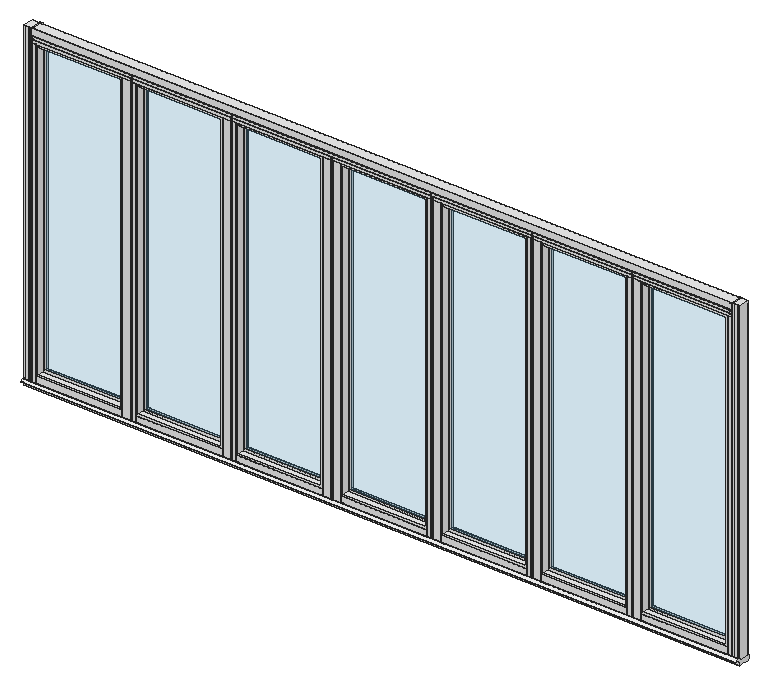
Revit family "Door-NanaWall-Reinforced-847_UPDATED_v2", category Doors, host Wall, Revit 2019
Family settings
  Host = Wall
  OmniClass Number = 23.30.10.17.17
  OmniClass Title = Folding Doors and Grilles
  Always vertical = Yes
  Cut with Voids When Loaded = No
  Shared = No
  Room Calculation Point = No
Parameters (values of type "Standard")
  c Up offset [instance] = 51.00 mm  # constant formula
  c Top Frame width [instance] = Width - c Top Frame Lat Offset * 2  # 5375.40 mm
  c Top Frame Lat Offset = 55.50 mm  # constant formula
  c Stack CL offset [instance] = 57.00 mm  # constant formula
  c Right Multiple Panels [instance] = and(c Closed, Right Stack Actual > 1)  # yes
  c Left Multiple Panels [instance] = and(c Closed, Left Stack Actual > 1)  # yes
  c Lat Stack Second Panel Offset [instance] = 105.00 mm  # constant formula
  c Lat Stack Panel first Offset [instance] = 66.50 mm  # constant formula
  c Lat Panel offset [instance] = 55.50 mm  # constant formula
  c Lat Open Angle Panel right [instance] = (c Lat Stack Second Panel Offset * Right Stack Array)  # 420.00 mm
  c Lat Open Angle Panel left [instance] = (c Lat Stack Second Panel Offset * Left Stack Array)  # 210.00 mm
  c Hinge Right Open Single Interior [instance] = if(Open, or(Right Stack Actual = 1, Right Stack Actual = 2), 1 = 0)  # no
  c Hinge Right Open Single Exterior [instance] = if(Open, or(Right Stack Actual = 2, Right Stack Actual = 3), 1 = 0)  # no
  c Hinge Right Open Multiple Exterior [instance] = if(Open, or(Right Stack Actual > 3, Right Stack Actual > 4), 1 = 0)  # no
  c Hinge Right Open Multiple  Interior [instance] = if(Open, or(Right Stack Actual = 3, Right Stack Actual > 3), 1 = 0)  # no
  c Hinge Right Closed Single Interior [instance] = if(not(Open), or(Right Stack Actual = 1, Right Stack Actual = 2), 1 = 0)  # no
  c Hinge Right Closed Single Exterior [instance] = if(not(Open), or(Right Stack Actual = 2, Right Stack Actual = 3), 1 = 0)  # no
  c Hinge Right Closed Multiple Interior [instance] = if(not(Open), or(Right Stack Actual = 3, Right Stack Actual > 3), 1 = 0)  # yes
  c Hinge Right Closed Multiple Exterior [instance] = if(not(Open), or(Right Stack Actual > 3, Right Stack Actual > 4), 1 = 0)  # yes
  c Hinge Panel Width Double [instance] = Panel Width * 2  # 1535.829 mm
  c Hinge Offset = 33.60 mm  # constant formula
  c Hinge Left Open Single Interior [instance] = if(Open, or(Left Stack Actual = 1, Left Stack Actual = 2), 1 = 0)  # no
  c Hinge Left Open Single Exterior [instance] = if(Open, or(Left Stack Actual = 2, Left Stack Actual = 3), 1 = 0)  # no
  c Hinge Left Open Multiple Exterior [instance] = if(Open, or(Left Stack Actual > 3, Left Stack Actual > 4), 1 = 0)  # no
  c Hinge Left Open Multiple  Interior [instance] = if(Open, or(Left Stack Actual = 3, Left Stack Actual > 3), 1 = 0)  # no
  c Hinge Left Closed Single Interior [instance] = if(not(Open), or(Left Stack Actual = 1, Left Stack Actual = 2), 1 = 0)  # no
  c Hinge Left Closed Single Exterior [instance] = if(not(Open), or(Left Stack Actual = 2, Left Stack Actual = 3), 1 = 0)  # yes
  c Hinge Left Closed Multiple Exterior [instance] = if(not(Open), or(Left Stack Actual > 3, Left Stack Actual > 4), 1 = 0)  # no
  c Hinge Left CLosed Multiple Interior [instance] = if(not(Open), or(Left Stack Actual = 3, Left Stack Actual > 3), 1 = 0)  # yes
  c Hinge Array Right Multiple Interior [instance] = if(or(Right Stack Actual = 3, Right Stack Actual > 3), c Hinge Array Right Interior Safe, 2)  # 2
  c Hinge Array Right Multiple Exterior [instance] = if(or(Right Stack Actual = 4, Right Stack Actual > 3), c Hinge Array Right Exterior Safe, 2)  # 2
  c Hinge Array Right Interior Safe [instance] = roundup(Right Stack Actual / 2)  # 2
  c Hinge Array Right Exterior Safe [instance] = rounddown(Right Stack Actual / 2)  # 2
  c Hinge Array Left Multiple Interior [instance] = if(or(Left Stack Actual = 3, Left Stack Actual > 3), c Hinge Array Left Interior Safe, 2)  # 2
  c Hinge Array Left Multiple Exterior [instance] = if(or(Left Stack Actual = 4, Left Stack Actual > 3), c Hinge Array Left Exterior Safe, 2)  # 2
  c Hinge Array Left Interior Safe [instance] = roundup(Left Stack Actual / 2)  # 2
  c Hinge Array Left Exterior Safe [instance] = rounddown(Left Stack Actual / 2)  # 1
  c Half Panel Height [instance] = Panel Height / 2  # 1193.70 mm
  c Front offset [instance] = Exterior Wall Offset + 500.00 mm  # 500.00 mm
  c Down Offset = if(Constraints = 1, 0.00 mm, if(Constraints = 2, 12.50 mm, if(Constraints = 3, 2.00 mm, 12.50 mm)))  # 0.00 mm
  Y N Override Stack [instance] = no
  Y N Override Number of Panels [instance] = yes
  Width [instance] = 5486.40 mm
  Warranty URL = "http://www.nanawall.com/support/warranty"
  Thickness = 84.20 mm  # constant formula
  Support Phone = "1-224-699-9545"  # constant formula
  Support Email = "mailto: support@anguleris.com"
  Single Right Arrow [instance] = and(Right Stack Actual = 1, not(Open))  # no
  Single Left Arrow [instance] = and(Left Stack Actual = 1, not(Open))  # no
  Sill = Metal - NanaWall - Aluminum
  Rough Width [instance] = Width - (2 * (c Lat Panel offset))  # 5375.40 mm
  Rough Height [instance] = Height - 50.998 mm  # 2387.402 mm
  Right Stack Swing Visivility [instance] = if(and(Open, not(Right Even Constraint), not(Single Right Stack)), 1 = 1, 1 = 0)  # no
  Right Stack Swing Location [instance] = (Panel Width * Right Stack Array)  # 3071.657 mm
  Right Even Constraint [instance] = roundup(Right Stack Actual / 2) = Right Stack Actual / 2  # yes
  Right Detail Door Panel [instance] = and(not(Single Panel), if(Open, 1 = 0, if(roundup(Right Stack Actual / 2) = Right Stack Actual / 2, 1 = 0, 1 = 1)))  # no
  Panels Array Constraint [instance] = if(Panels < 2, 2, Panels)  # 7
  Panel Number Constraint [instance] = if(Width < 1397.00 mm, 2, if(Width < 2082.80 mm, 2, if(Width < 2794.00 mm, 3, if(Width < 3479.80 mm, 4, if(Width < 4216.40 mm, 5, if(Width < 4876.80 mm, 6, if(Width < 5588.00 mm, 7, if(Width < 6273.80 mm, 8, if(Width < 6959.60 mm, 10, if(Width < 10058.40 mm, 11, if(Width < 10972.80 mm, 12, if(Width < 11887.20 mm, 13, if(Width < 12801.60 mm, 14, if(Width < 13716.00 mm, 15, if(Width < 14630.40 mm, 16, if(Width < 15544.80 mm, 17, if(Width < 16459.20 mm, 18, if(Width < 17373.60 mm, 19, if(Width < 18288.00 mm, 20, 21)))))))))))))))))))  # 7
  Left Detail Door Panel [instance] = and(not(Single Panel), if(Open, 1 = 0, if(roundup(Left Stack Actual / 2) = Left Stack Actual / 2, 1 = 0, 1 = 1)))  # yes
  Left Detail Door [instance] = if(Open, 1 = 0, if(roundup(Left Stack Actual / 2) = Left Stack Actual / 2, 1 = 0, 1 = 1))  # yes
  URL = "http://www.nanawall.com/"
  U Value = 0.27
  Subcategory = "Folding Door"  # constant formula
  Split Stack Right [instance] = 2
  Split Stack Left [instance] = if(Panels - Split Stack Right < 0, 0, if(Panels - Split Stack Right > Panels, Panels, Panels - Split Stack Right))  # 5
  Single Right Stack [instance] = and(Right Stack Actual = 1, Open)  # no
  Single Panel [instance] = if(and(not(Open), Width < 992.188 mm), 1 = 1, if(Width > 990.60 mm, 1 = 0, 1 = 0))  # no
  Single Left Stack [instance] = and(Left Stack Actual = 1, Open)  # no
  Sills Available = "Intermidiate Sill, Low Profile Sill, Flush Sill, Low Profile Sill Universill"  # constant formula
  Sash = Metal - NanaWall - Aluminum
  Right Detail Door [instance] = if(Open, 1 = 0, if(roundup(Right Stack Actual / 2) = Right Stack Actual / 2, 1 = 0, 1 = 1))  # no
  Right Stack Array [instance] = if(Right Stack Actual < 2, 2, if(not(Right Even Constraint), Right Stack Actual - 1, Right Stack Actual))  # 4
  Right Stack Actual [instance] = if(not(Y N Override Stack), roundup(Panels / 2), if(Split Stack Right < 0, 0, if(Split Stack Right > Panels, Panels, Split Stack Right)))  # 4
  Product Page URL = "https://www.nanawall.com/products/nw-reinforced-847"
  Performance URL = "https://www.nanawall.com/products/nw-reinforced-847/performance"
  Panels [instance] = if(Y N Override Number of Panels, Override Number of Panels, Panel Number Constraint)  # 7
  Panel Width [instance] = (Width - c Lat Panel offset * 2) / Panels  # 767.914 mm
  Panel Height [instance] = Height Constraint - (c Up offset + c Down Offset)  # 2387.40 mm
  Override Number of Panels [instance] = 7
  Opening Width [instance] = Width - (c Lat Panel offset * 2)  # 5375.40 mm
  Open [instance] = no
  NanaWall Configurator = ""
  Multiple Right Stack [instance] = and(Right Stack Actual > 1, Open)  # no
  Multiple Panel [instance] = if(and(Open, Width > 992.188 mm), 1 = 0, if(and(not(Open), Width > 992.188 mm), 1 = 1, if(Width < 990.60 mm, 1 = 0, 1 = 1)))  # yes
  Multiple Left Stack [instance] = and(Left Stack Actual > 1, Open)  # no
  Model = "NW Reinforced 847"  # constant formula
  Max Panel Height [instance] = if(Panel Height > 2895.60 mm, 2895.60 mm, Panel Height)  # 2387.40 mm
  Manufacturer Toll Free Phone = "(888) 411-NANA(6262)"  # constant formula
  Manufacturer Phone = "(415) 383-3148"  # constant formula
  Manufacturer Fax = "(415) 383-0312"  # constant formula
  Manufacturer Email = "mailto:info@nanawall.com"
  Manufacturer Address = "100 Meadowcreek Drive #250, Corte Madera, CA 94925"  # constant formula
  Manufacturer = "NanaWall Systems, Inc."  # constant formula
  Left Stack Width [instance] = Left Stack Array * Thickness  # 168.40 mm
  Left Stack Swing Visivility [instance] = if(and(Open, not(Left Even Constraint), not(Single Left Stack)), 1 = 1, 1 = 0)  # no
  Left Stack Swing Location [instance] = (Panel Width * Left Stack Actual)  # 2303.743 mm
  Left Stack Array [instance] = if(Left Stack Actual < 2, 2, if(not(Left Even Constraint), Left Stack Actual - 1, Left Stack Actual))  # 2
  Left Stack Actual [instance] = if(not(Y N Override Stack), rounddown(Panels / 2), if(Split Stack Left < 0, 0, if(Split Stack Left > Panels, Panels, Split Stack Left)))  # 3
  Left Even Constraint [instance] = roundup(Left Stack Actual / 2) = Left Stack Actual / 2  # no
  Keynote = "08 14 73"  # constant formula
  Installation and Service URL = "http://www.nanawall.com/support/installer"
  Height Constraint [instance] = if(Height < 990.60 mm, 990.60 mm, if(Height > 2895.60 mm, 2895.60 mm, Height))  # 2438.40 mm
  Wall Closure = By host
  Height [instance] = 2438.40 mm
  Half Panel Width [instance] = Panel Width / 2  # 383.957 mm
  Glazing Options = ""
  Glass Material = Glass - NanaWall - Generic
  Filler = Rubber - NanaWall - Black
  Exterior Wall Offset [instance] = 0.00 mm
  Engineering Details URL = "https://www.nanawall.com/products/nw-reinforced-847/resources"
  Right Detail Door Location [instance] = Panel Width * Right Stack Actual  # 3071.657 mm
  Left Detail Door Location [instance] = Panel Width * Left Stack Actual  # 2303.743 mm
  Disclaimer = "Please note that the Revit model is for schematic purposes only.  To obtain a detailed 3D model, please go to the NanaWall's configurator at www.nanawall.com."  # constant formula
  Description = "Slim Aluminum Framed Folding Glass Wall for Mid-Rise and High-Rise Buildings"  # constant formula
  Cost Info = "https://www.nanawall.com/request-an-estimate"
  Constraints = 1
  Clearance On [instance] = no
  c Closed [instance] = not(Open)  # yes
  Assembly Code = "B2050.4010"
  Multiple Right Arrows [instance] = and(Right Stack Actual > 1, not(Open))  # yes
  Multiple Left Arrows [instance] = and(Left Stack Actual > 1, not(Open))  # yes
  Analytic Construction = "<None>"
  95 CSI = "8411"  # constant formula
  04 CSI = "08 41 13"  # constant formula
Reference planes
  plane 1 "Center (Front/Back)": y = -8
  plane 2 "Center (Left/Right)": x = 0
  plane 3 "Top": z = 2438.4
  plane 4: z = 0
  plane 5 "Left": x = -2743.2
  plane 6 "Right": x = 2743.2
  plane 7: z = 0
  plane 8: z = 2387.4
  plane 9: y = -423.8
  plane 10: y = 34.1
  plane 11: y = 76.2
  plane 12: x = 2687.7
  plane 13: x = -2687.7
  plane 14: x = -2676.7
  plane 15: y = -22.9
  plane 16: x = -2571.7
  plane 17: x = 2676.7
  plane 18: x = 2571.7
  plane 19: x = -2466.7
  plane 20: x = 2267.7
  plane 21: x = -1919.786
  plane 22: x = -383.957
  plane 23: x = -383.957
  plane 24: x = -2303.743
  plane 25: x = -1535.829
  plane 26: x = 2303.743
  plane 27: x = 1535.829
  plane 28: z = 1193.7
  plane 29: y = 174.562
  plane 30: x = 1919.786
  plane 31: x = 2687.7
  plane 32: x = -2687.7
  plane 33: y = 76.2
  plane 34: x = -2687.1
  plane 35: x = -2477.1
  plane 36: x = -2582.1
  plane 37: x = -2372.1
  plane 38: x = 2687.1
  plane 39: x = 2477.1
  plane 40: x = 2582.1
  plane 41: x = 2372.1
Lines and regions (mm)
  Opening 1
    outline origin (-2108.2, -76.2, 0) x (1, 0, 0) y (0, 0, 1)
      loop
        line (-635, 0) -> (4851.4, 0) -> (4851.4, 2438.4) -> (-635, 2438.4) -> (-635, 0)
  reference lines
    curve 1: line (-2466.7, -22.9, 0) -> (-2371.642, -797.086, 0)
    curve 2: line (-2466.7, -22.9, 0) -> (-2454.557, -21.409, 0)
    curve 3: line (2267.7, -22.9, 0) -> (2238.451, -261.111, 0)
    curve 4: line (2267.7, -22.9, 0) -> (2208.147, -15.588, 0)
Text (mm)
  text "Exterior" at (-3623.391, 1972.959, 0), in view "Ref. Level"
  text "Interior" at (-3623.391, -1928.858, 0), in view "Ref. Level"
  text "Exterior" at (0, 1019.848, 3124.603), in view "Right"
  text "Interior" at (0, -1635.541, 3124.603), in view "Right"
  text "Interior" at (0, -787.806, 3124.376), in view "Left"
  text "Exterior" at (0, 1386.095, 3124.376), in view "Left"
Dimensions and locks
  "Height Constraint": plane 4 to plane 3 "Top"
  "Width": plane 6 "Right" to plane 5 "Left"
  equal spacing: plane 6 "Right", plane 2 "Center (Left/Right)", plane 5 "Left"
  "c Up offset": plane 3 "Top" to plane 8
  "c Down Offset": plane 7 to plane 4
  equal spacing: plane 1 "Center (Front/Back)", plane 10, plane 11
  "Thickness": plane 1 "Center (Front/Back)" to plane 11
  "c Lat Panel offset": plane 5 "Left" to plane 13
  "c Lat Panel offset": plane 12 to plane 6 "Right"
  "c Lat Stack Panel first Offset": plane 5 "Left" to plane 14
  "c Stack CL offset": plane 10 to plane 15
  "c Lat Stack Second Panel Offset": plane 14 to plane 16
  "c Lat Stack Second Panel Offset": plane 17 to plane 18
  "c Lat Stack Panel first Offset": plane 17 to plane 6 "Right"
  "c Lat Open Angle Panel left": plane 14 to plane 19
  "c Lat Open Angle Panel right": plane 20 to plane 12
  "Panel Width": plane 13 to plane 21
  "Half Panel Width": plane 13 to plane 24
  "Panel Width": plane 24 to plane 25
  "Half Panel Width": plane 26 to plane 12
  "Panel Width": plane 27 to plane 26
  equal spacing: group 29, group 28, group 5, group 4
  equal spacing: group 4, group 5, group 28, group 29  (x2)
  group 6 to group 7 = 767.914 mm
  group 6 to group 7 = 0.00 mm  (x2)
  group 8 to group 9 = 105.00 mm
  group 8 to group 9 = 0.00 mm  (x2)
  "Left Stack Swing Location": plane 13 to plane 23
  "Right Detail Door Location": plane 22 to plane 12
  "c Half Panel Height": plane 7 to plane 28
  group 10 to group 11 = 767.914 mm
  group 10 to group 11 = 0.00 mm  (x2)
  equal spacing: group 31, group 30, group 13, group 12
  equal spacing: group 12, group 13, group 30, group 31  (x2)
  locked: plane 1 "Center (Front/Back)" to plane 29 at 182.562
  equal spacing: group 33, group 32, group 15, group 14
  equal spacing: group 14, group 15, group 32, group 33  (x2)
  group 16 to group 17 = 767.914 mm
  group 16 to group 17 = 0.00 mm  (x2)
  equal spacing: group 35, group 34, group 19, group 18
  equal spacing: group 18, group 19, group 34, group 35  (x2)
  "Panel Width": plane 30 to plane 12
  "c Top Frame Lat Offset": plane 6 "Right" to plane 31
  "c Top Frame Lat Offset": plane 32 to plane 5 "Left"
  locked: plane 9 to plane 33 at 500
  "c Front offset": plane 11 to plane 9
  group 20 to group 21 = 1535.829 mm
  group 20 to group 21 = 0.00 mm  (x2)
  "c Hinge Panel Width Double": nested 43 to nested 49
  group 22 to group 23 = 1535.829 mm
  group 23 to group 22 = 0.00 mm
  group 22 to group 23 = 0.00 mm
  "c Hinge Panel Width Double": nested 42 to nested 50
  group 25 to group 24 = 1535.829 mm
  group 24 to group 25 = 0.00 mm  (x2)
  "c Hinge Panel Width Double": nested 51 to nested 47
  group 27 to group 26 = 1535.829 mm
  group 26 to group 27 = 0.00 mm  (x2)
  "c Hinge Panel Width Double": nested 52 to nested 46
  locked: plane 34 to plane 14 at 10.4
  group 36 to group 37 = 210.00 mm
  group 36 to group 37 = 0.00 mm  (x2)
  locked: plane 34 to plane 35 at 210
  locked: plane 36 to plane 16 at 10.4
  locked: plane 36 to plane 37 at 210
  group 38 to group 39 = 210.00 mm
  group 38 to group 39 = 0.00 mm  (x2)
  locked: plane 17 to plane 38 at 10.4
  group 41 to group 40 = 210.00 mm
  group 40 to group 41 = 0.00 mm  (x2)
  locked: plane 39 to plane 38 at 210
  locked: plane 18 to plane 40 at 10.4
  locked: plane 41 to plane 40 at 210
  group 43 to group 42 = 210.00 mm
  group 42 to group 43 = 0.00 mm  (x2)
  locked: plane 15 to curve 2 (angle 7.00°)
  locked: curve 1 to curve 2 (angle 90.00°)
  locked: curve 4 to plane 15 (angle 7.00°)
  locked: curve 4 to curve 3 (angle 90.00°)
  aligned and locked: plane 5 "Left" to Opening 1 sketch curve
  aligned and locked: Opening 1 sketch curve to plane 3 "Top"
  aligned and locked: Opening 1 sketch curve to plane 6 "Right"
  aligned and locked: plane 4 to Opening 1 sketch curve
  aligned and locked: nested 8 to plane 6 "Right"
  aligned and locked: plane 3 "Top" to nested 8
  aligned and locked: nested 7 to plane 3 "Top"
  aligned and locked: nested 9 to plane 3 "Top"
  aligned and locked: nested 9 to plane 10
  aligned and locked: nested 7 to plane 10
  aligned and locked: plane 10 to nested 8
  aligned and locked: nested 10 to plane 17
  aligned and locked: nested 10 to plane 7
  aligned and locked: nested 11 to plane 7
  aligned and locked: nested 7 to plane 5 "Left"
  aligned and locked: nested 12 to plane 10
  aligned and locked: plane 7 to nested 12
  aligned and locked: nested 12 to plane 13
  aligned and locked: nested 10 to plane 15
  aligned and locked: nested 11 to plane 15
  aligned and locked: plane 15 to nested 16
  aligned and locked: plane 14 to nested 16
  aligned and locked: plane 7 to nested 16
  aligned and locked: nested 14 to plane 7
  aligned and locked: plane 7 to nested 15
  aligned and locked: nested 14 to plane 15
  aligned and locked: nested 14 to plane 17
  aligned and locked: plane 15 to curve 2
  aligned and locked: plane 19 to curve 2
  aligned and locked: nested 15 to curve 1
  aligned and locked: nested 15 to curve 2
  aligned and locked: plane 20 to curve 3
  aligned and locked: plane 15 to curve 3
  aligned and locked: nested 17 to curve 3
  aligned and locked: nested 17 to curve 4
  aligned and locked: nested 17 to plane 7
  aligned and locked: plane 1 "Center (Front/Back)" to nested 13
  aligned and locked: plane 26 to nested 18
  aligned and locked: plane 27 to nested 19
  aligned and locked: plane 24 to nested 20
  aligned and locked: plane 25 to nested 21
  aligned and locked: nested 22 to plane 14
  aligned and locked: plane 15 to nested 22
  aligned and locked: plane 15 to nested 23
  aligned and locked: plane 16 to nested 23
  aligned and locked: nested 22 to plane 7
  aligned and locked: nested 23 to plane 7
  aligned and locked: nested 24 to plane 1 "Center (Front/Back)"
  aligned and locked: nested 1 to plane 7
  aligned and locked: plane 7 to nested 2
  aligned and locked: plane 29 to nested 20
  aligned and locked: plane 29 to nested 21
  aligned and locked: nested 18 to plane 29
  aligned and locked: nested 19 to plane 29
  aligned and locked: plane 24 to nested 25
  aligned and locked: plane 29 to nested 25
  aligned and locked: plane 26 to nested 26
  aligned and locked: nested 26 to plane 29
  aligned and locked: nested 13 to plane 23
  aligned and locked: nested 24 to plane 22
  aligned and locked: nested 2 to plane 23
  aligned and locked: nested 1 to plane 23
  aligned and locked: nested 27 to plane 24
  aligned and locked: plane 28 to nested 27
  aligned and locked: nested 29 to plane 24
  aligned and locked: plane 28 to nested 29
  aligned and locked: nested 30 to plane 28
  aligned and locked: nested 30 to plane 26
  aligned and locked: nested 32 to plane 28
  aligned and locked: nested 32 to plane 26
  aligned and locked: nested 28 to plane 25
  aligned and locked: nested 31 to plane 27
  aligned and locked: nested 31 to plane 28
  aligned and locked: plane 28 to nested 28
  aligned and locked: nested 11 to plane 17
  aligned and locked: nested 33 to plane 15
  aligned and locked: plane 18 to nested 33
  aligned and locked: plane 7 to nested 33
  aligned and locked: nested 34 to plane 7
  aligned and locked: nested 34 to plane 13
  aligned and locked: nested 35 to plane 21
  aligned and locked: nested 35 to plane 7
  aligned and locked: plane 12 to nested 36
  aligned and locked: plane 7 to nested 36
  aligned and locked: plane 7 to nested 37
  aligned and locked: plane 1 "Center (Front/Back)" to nested 36
  aligned and locked: plane 1 "Center (Front/Back)" to nested 37
  aligned and locked: nested 34 to plane 1 "Center (Front/Back)"
  aligned and locked: nested 35 to plane 1 "Center (Front/Back)"
  aligned and locked: nested 37 to plane 30
  aligned and locked: nested 39 to plane 23
  aligned and locked: nested 38 to plane 22
  aligned and locked: plane 7 to nested 38
  aligned and locked: nested 39 to plane 7
  aligned and locked: nested 36 to plane 7
  aligned and locked: nested 37 to plane 7
  aligned and locked: plane 7 to nested 34
  aligned and locked: plane 7 to nested 35
  aligned and locked: nested 39 to plane 1 "Center (Front/Back)"
  aligned and locked: plane 1 "Center (Front/Back)" to nested 38
  aligned and locked: plane 32 to nested 9
  aligned and locked: plane 33 to host wall
  aligned and locked: nested 40 to plane 10
  aligned and locked: level to nested 40
  aligned and locked: plane 32 to nested 44
  aligned and locked: plane 1 "Center (Front/Back)" to nested 44
  aligned and locked: plane 32 to nested 43
  aligned and locked: plane 1 "Center (Front/Back)" to nested 43
  aligned and locked: nested 43 to nested 49
  aligned and locked: plane 21 to nested 41
  aligned and locked: plane 11 to nested 41
  aligned and locked: plane 21 to nested 42
  aligned and locked: plane 11 to nested 42
  aligned and locked: nested 42 to nested 50
  aligned and locked: plane 31 to nested 48
  aligned and locked: nested 48 to plane 1 "Center (Front/Back)"
  aligned and locked: nested 47 to plane 1 "Center (Front/Back)"
  aligned and locked: plane 31 to nested 47
  aligned and locked: nested 47 to nested 51
  aligned and locked: plane 30 to nested 45
  aligned and locked: nested 45 to plane 11
  aligned and locked: plane 30 to nested 46
  aligned and locked: nested 46 to plane 11
  aligned and locked: nested 46 to nested 52
  aligned and locked: nested 61 to plane 34
  aligned and locked: nested 62 to plane 34
  aligned and locked: nested 61 to plane 15
  aligned and locked: nested 62 to plane 15
  aligned and locked: nested 62 to nested 69
  aligned and locked: nested 69 to plane 35
  aligned and locked: nested 63 to plane 36
  aligned and locked: nested 63 to nested 23
  aligned and locked: nested 64 to nested 23
  aligned and locked: nested 64 to plane 36
  aligned and locked: nested 64 to nested 70
  aligned and locked: nested 70 to plane 37
  aligned and locked: nested 68 to plane 38
  aligned and locked: nested 67 to plane 38
  aligned and locked: nested 68 to plane 15
  aligned and locked: nested 67 to plane 15
  aligned and locked: nested 71 to nested 67
  aligned and locked: nested 71 to plane 39
  aligned and locked: nested 65 to plane 40
  aligned and locked: nested 65 to nested 11
  aligned and locked: nested 66 to plane 40
  aligned and locked: nested 66 to nested 11
  aligned and locked: nested 72 to plane 41
  aligned and locked: nested 72 to nested 66
Nested families
  nested 1: "DetailItem_Door_Elevation" at (385.107, -76.2, 2327.512) x (-1, 0, 0) z (0, -1, 0), visible <- "Right Detail Door", type "DetailItem_Door_Elevation"
  nested 2: "DetailItem_Door_Elevation" at (-1153.021, -76.2, 2327.512) x (1, 0, 0) z (0, -1, 0), visible <- "Left Detail Door", type "DetailItem_Door_Elevation"
  nested 3: "Sash" at (-804.034, -377.645, 0) x (-0.1219, 0.9925, 0) z (0, 0, 1), visible <- "Left Stack Swing Visivility", type "Sash_SL-60_NanaWall", not visible
  nested 4: "DetailItem_Panel" at (-1007.517, -388.438, 0) x (-0.9925, -0.1219, 0) z (0, 0, 1), visible <- "Left Stack Swing Visivility", type "DetailItem_Panel", not visible
  nested 5: "Sash" at (807.749, -485.405, 0) x (0.1219, 0.9925, 0) z (0, 0, 1), visible <- "Right Stack Swing Visivility", type "Sash_SL-60_NanaWall", not visible
  nested 6: "DetailItem_Panel" at (1011.231, -496.199, 0) x (0.9925, -0.1219, 0) z (0, 0, 1), visible <- "Right Stack Swing Visivility", type "DetailItem_Panel", not visible
  nested 7: "Jamb" at (-2557.727, 49.152, 0), type "Left-Jamb_SL-60"
  nested 8: "Jamb" at (2557.727, 49.152, 0) x (-1, 0, 0) z (0, 0, 1), type "Left-Jamb_SL-60"
  nested 9: "Header" at (185.473, 46.629, 2438.4), type "Header_SL-60"
  nested 10: "Sash" at (2841.175, -406.544, 0) x (0, -1, 0) z (0, 0, 1), visible <- "Multiple Right Stack", type "Sash_SL-60_NanaWall"
  nested 11: "Sash" at (2841.175, -406.544, 0) x (0, -1, 0) z (0, 0, 1), visible <- "Multiple Right Stack", type "Sash_SL-60_NanaWall"
  nested 12: "Sash" at (-0.314, -172.475, 0), visible <- "Single Panel", type "Sash_SL-60_NanaWall full"
  nested 13: "DetailItem_Door_Plan" at (-1153.021, -67.888, 0), visible <- "Left Detail Door", type "DetailItem_Door_Plan"
  nested 14: "Sash" at (2841.175, -406.544, 0) x (0, -1, 0) z (0, 0, 1), visible <- "Single Right Stack", type "Sash_SL-60_NanaWall"
  nested 15: "Sash" at (-2583.195, -423.728, 0) x (0.1219, -0.9925, 0) z (0, 0, 1), visible <- "Left Stack Swing Visivility", type "Sash_SL-60_NanaWall"
  nested 16: "Sash" at (-2841.175, -406.544, 0) x (0, -1, 0) z (0, 0, 1), visible <- "Single Left Stack", type "Sash_SL-60_NanaWall"
  nested 17: "Sash" at (2384.195, -423.728, 0) x (-0.1219, -0.9925, 0) z (0, 0, 1), visible <- "Right Stack Swing Visivility", type "Sash_SL-60_NanaWall"
  nested 18: "DetailItem_arrow" at (2686.55, 132.851, 0), visible <- "Multiple Right Arrows", type "DetailItem_arrow"
  nested 19: "DetailItem_arrow" at (1918.636, 132.851, 0), visible <- "Multiple Right Arrows", type "DetailItem_arrow"
  nested 20: "DetailItem_arrow" at (-2686.55, 132.851, 0) x (-1, 0, 0) z (0, 0, 1), visible <- "Multiple Left Arrows", type "DetailItem_arrow"
  nested 21: "DetailItem_arrow" at (-1918.636, 132.851, 0) x (-1, 0, 0) z (0, 0, 1), visible <- "Multiple Left Arrows", type "DetailItem_arrow"
  nested 22: "Sash" at (-2841.175, -407.171, 0) x (0, 1, 0) z (0, 0, 1), visible <- "Multiple Left Stack", type "Sash_SL-60_NanaWall"
  nested 23: "Sash" at (-2736.175, -407.171, 0) x (0, 1, 0) z (0, 0, 1), visible <- "Multiple Left Stack", type "Sash_SL-60_NanaWall"
  nested 24: "DetailItem_Door_Plan" at (385.107, -67.888, 0) x (-1, 0, 0) z (0, 0, 1), visible <- "Right Detail Door", type "DetailItem_Door_Plan"
  nested 25: "DetailItem_arrow" at (-2686.55, 132.851, 0) x (-1, 0, 0) z (0, 0, 1), visible <- "Single Left Arrow", type "DetailItem_arrow"
  nested 26: "DetailItem_arrow" at (2686.55, 132.851, 0), visible <- "Single Right Arrow", type "DetailItem_arrow"
  nested 27: "DetailItem_arrow" at (-2686.55, -76.2, 1235.412) x (-1, 0, 0) z (0, -1, 0), visible <- "Multiple Left Arrows", type "DetailItem_arrow"
  nested 28: "DetailItem_arrow" at (-1918.636, -76.2, 1235.412) x (-1, 0, 0) z (0, -1, 0), visible <- "Multiple Left Arrows", type "DetailItem_arrow"
  nested 29: "DetailItem_arrow" at (-2686.55, -76.2, 1235.412) x (-1, 0, 0) z (0, -1, 0), visible <- "Single Left Arrow", type "DetailItem_arrow"
  nested 30: "DetailItem_arrow" at (2686.55, -76.2, 1235.412) x (1, 0, 0) z (0, -1, 0), visible <- "Multiple Right Arrows", type "DetailItem_arrow"
  nested 31: "DetailItem_arrow" at (1918.636, -76.2, 1235.412) x (1, 0, 0) z (0, -1, 0), visible <- "Multiple Right Arrows", type "DetailItem_arrow"
  nested 32: "DetailItem_arrow" at (2686.55, -76.2, 1235.412) x (1, 0, 0) z (0, -1, 0), visible <- "Single Right Arrow", type "DetailItem_arrow"
  nested 33: "Sash" at (2736.175, -406.544, 0) x (0, -1, 0) z (0, 0, 1), visible <- "Multiple Right Stack", type "Sash_SL-60_NanaWall"
  nested 34: "Sash" at (-2304.056, -172.475, 0), visible <- "c Left Multiple Panels", type "Sash_SL-60_NanaWall"
  nested 35: "Sash" at (-1536.142, -172.475, 0), visible <- "c Left Multiple Panels", type "Sash_SL-60_NanaWall"
  nested 36: "Sash" at (2304.056, -172.475, 0) x (-1, 0, 0) z (0, 0, 1), visible <- "c Right Multiple Panels", type "Sash_SL-60_NanaWall"
  nested 37: "Sash" at (1536.142, -172.475, 0) x (-1, 0, 0) z (0, 0, 1), visible <- "c Right Multiple Panels", type "Sash_SL-60_NanaWall"
  nested 38: "Sash" at (0.314, -172.475, 0) x (-1, 0, 0) z (0, 0, 1), visible <- "Right Detail Door Panel", type "Sash_SL-60_NanaWall"
  nested 39: "Sash" at (-768.228, -172.475, 0), visible <- "Left Detail Door Panel", type "Sash_SL-60_NanaWall"
  nested 40: "Sill" at (185.473, 34.1, 0), type "Sill"
  nested 41: "840_CLosed_hinge" at (-1919.786, 76.2, 0), visible <- "c Hinge Left Closed Single Exterior", type "840_Open_hinge"
  nested 42: "840_CLosed_hinge" at (-1919.786, 76.2, 0), visible <- "c Hinge Left Closed Multiple Exterior", type "840_Open_hinge"
  nested 43: "840_CLosed_hinge" at (-2687.7, -8, 0), visible <- "c Hinge Left CLosed Multiple Interior", type "840_Open_hinge"
  nested 44: "840_CLosed_hinge" at (-2687.7, -8, 0), visible <- "c Hinge Left Closed Single Interior", type "840_Open_hinge"
  nested 45: "840_CLosed_hinge" at (1919.786, 76.2, 0) x (-1, 0, 0) z (0, 0, 1), visible <- "c Hinge Right Closed Single Exterior", type "840_Open_hinge"
  nested 46: "840_CLosed_hinge" at (1919.786, 76.2, 0) x (-1, 0, 0) z (0, 0, 1), visible <- "c Hinge Right Closed Multiple Exterior", type "840_Open_hinge"
  nested 47: "840_CLosed_hinge" at (2687.7, -8, 0) x (-1, 0, 0) z (0, 0, 1), visible <- "c Hinge Right Closed Multiple Interior", type "840_Open_hinge"
  nested 48: "840_CLosed_hinge" at (2687.7, -8, 0) x (-1, 0, 0) z (0, 0, 1), visible <- "c Hinge Right Closed Single Interior", type "840_Open_hinge"
  nested 49: "840_CLosed_hinge" at (-1151.871, -8, 0), visible <- "c Hinge Left CLosed Multiple Interior", type "840_Open_hinge"
  nested 50: "840_CLosed_hinge" at (-383.957, 76.2, 0), visible <- "c Hinge Left Closed Multiple Exterior", type "840_Open_hinge"
  nested 51: "840_CLosed_hinge" at (1151.871, -8, 0) x (-1, 0, 0) z (0, 0, 1), visible <- "c Hinge Right Closed Multiple Interior", type "840_Open_hinge"
  nested 52: "840_CLosed_hinge" at (383.957, 76.2, 0) x (-1, 0, 0) z (0, 0, 1), visible <- "c Hinge Right Closed Multiple Exterior", type "840_Open_hinge"
  nested 53: "DetailItem_arrow" at (1150.721, 132.851, 0), visible <- "Multiple Right Arrows", type "DetailItem_arrow"
  nested 54: "DetailItem_arrow" at (382.807, 132.851, 0), visible <- "Multiple Right Arrows", type "DetailItem_arrow"
  nested 55: "DetailItem_arrow" at (1150.721, -76.2, 1235.412) x (1, 0, 0) z (0, -1, 0), visible <- "Multiple Right Arrows", type "DetailItem_arrow"
  nested 56: "DetailItem_arrow" at (382.807, -76.2, 1235.412) x (1, 0, 0) z (0, -1, 0), visible <- "Multiple Right Arrows", type "DetailItem_arrow"
  nested 57: "Sash" at (2631.175, -406.544, 0) x (0, -1, 0) z (0, 0, 1), visible <- "Multiple Right Stack", type "Sash_SL-60_NanaWall"
  nested 58: "Sash" at (2526.175, -406.544, 0) x (0, -1, 0) z (0, 0, 1), visible <- "Multiple Right Stack", type "Sash_SL-60_NanaWall"
  nested 59: "Sash" at (768.228, -172.475, 0) x (-1, 0, 0) z (0, 0, 1), visible <- "c Right Multiple Panels", type "Sash_SL-60_NanaWall"
  nested 60: "Sash" at (0.314, -172.475, 0) x (-1, 0, 0) z (0, 0, 1), visible <- "c Right Multiple Panels", type "Sash_SL-60_NanaWall"
  nested 61: "840_Open_hinge" at (-2687.1, -22.9, 0), visible <- "c Hinge Left Open Single Interior", type "840_Open_hinge"
  nested 62: "840_Open_hinge" at (-2687.1, -22.9, 0), visible <- "c Hinge Left Open Multiple  Interior", type "840_Open_hinge"
  nested 63: "840_Open_hinge" at (-2582.1, -790.814, 0), visible <- "c Hinge Left Open Single Exterior", type "840_Open_hinge"
  nested 64: "840_Open_hinge" at (-2582.1, -790.814, 0), visible <- "c Hinge Left Open Multiple Exterior", type "840_Open_hinge"
  nested 65: "840_Open_hinge" at (2582.1, -790.814, 0), visible <- "c Hinge Right Open Single Exterior", type "840_Open_hinge"
  nested 66: "840_Open_hinge" at (2582.1, -790.814, 0), visible <- "c Hinge Right Open Multiple Exterior", type "840_Open_hinge"
  nested 67: "840_Open_hinge" at (2687.1, -22.9, 0), visible <- "c Hinge Right Open Multiple  Interior", type "840_Open_hinge"
  nested 68: "840_Open_hinge" at (2687.1, -22.9, 0), visible <- "c Hinge Right Open Single Interior", type "840_Open_hinge"
  nested 69: "840_Open_hinge" at (-2477.1, -22.9, 0), visible <- "c Hinge Left Open Multiple  Interior", type "840_Open_hinge"
  nested 70: "840_Open_hinge" at (-2372.1, -790.814, 0), visible <- "c Hinge Left Open Multiple Exterior", type "840_Open_hinge"
  nested 71: "840_Open_hinge" at (2477.1, -22.9, 0), visible <- "c Hinge Right Open Multiple  Interior", type "840_Open_hinge"
  nested 72: "840_Open_hinge" at (2372.1, -790.814, 0), visible <- "c Hinge Right Open Multiple Exterior", type "840_Open_hinge"
Definition of nested family "Sash"
  Parameters (values of type "Sash_SL-60_NanaWall")
    c Down = 7.00 mm  # constant formula
    Width = 1222.25 mm
    Thickness = 84.20 mm  # constant formula
    Sash = none
    Intermediate Sill = Constraints = 1  # no
    Height = 2443.50 mm
    Glass = none
    Filler = none
    FS & LPSS = not(Intermediate Sill)  # yes
    Constraints = 2
    Assembly Code = ""
    Analytic Construction = "<None>"
  Types (3, lengths in mm): name | Width | Intermediate Sill | Height | FS & LPSS | Constraints
    Sash_SL-60_NanaWall | 1222.25 | no | 2443.50 | yes | 2
    Sash_SL-60_NanaWall full | 4889.00 | yes | 2443.50 | no | 1
    Sash_SL-60_NanaWall_Full | 2389.00 | yes | 2385.40 | no | 1
  Reference planes
    plane 1 "Center (Front/Back)": y = -206.575
    plane 2 "Bottom": z = 0
    plane 3 "Center (Left/Right)": x = 0.314
    plane 4 "Interior": y = -164.475
    plane 5 "Exterior": y = -248.675
    plane 6 "Left": x = -610.811
    plane 7 "Right": x = 611.439
    plane 8 "Top": z = 2443.5
    plane 9: x = -330.839
    plane 10: x = -606.311
    plane 11: z = 2429.2
    plane 12: x = 606.939
    plane 13: z = 7
    plane 14: x = -574.311
    plane 15: x = 541.439
    plane 16: z = 2397.5
    plane 17: z = 60
    plane 18: y = -172.975
    plane 19: y = -240.175
    plane 20: x = 331.466
  Forms (mm)
    Sweep 1, solid, material <- "Filler"
      path origin (0, -206.575, 0) x (1, 0, 0) y (0, 0, 1)
        loop
          line (-610.811, 2443.5) -> (-610.811, 0)
      profile origin (-610.811, -206.575, 1221.75) x (0, -1, 0) y (1, 0, 0)
        loop
          line (-42.1, 0) -> (42.1, 0) -> (42.1, 4.5) -> (-42.1, 4.5) -> (-42.1, 0)
    Sweep 2, solid, material <- "Sash"
      path origin (0, -206.575, 0) x (1, 0, 0) y (0, 0, 1)
        loop
          line (-610.811, 2397.5) -> (-610.811, 7)
      profile origin (-610.811, -206.575, 1202.25) x (0, -1, 0) y (1, 0, 0)
        loop
          line (-41.6, 4.5) -> (41.6, 4.5)
          arc (41.6, 4.5) -> (41.954, 4.646) -> (42.1, 5) r 0.5
          line (42.1, 5) -> (42.1, 36.5) -> (-42.1, 36.5) -> (-42.1, 5)
          arc (-42.1, 5) -> (-41.954, 4.646) -> (-41.6, 4.5) r 0.5
    Extrusion 3, solid, material <- "Glass"
      sketch origin (0, -190.866, 0) x (1, 0, 0) y (0, 0, 1)
        loop
          line (-567.311, 2390.5) -> (-567.311, 67) -> (534.439, 67) -> (534.439, 2390.5) -> (-567.311, 2390.5)
      from 27.909 to 43.909
    Sweep 4, solid, material <- "Sash"
      path origin (0, -206.575, 0) x (1, 0, 0) y (0, 0, 1)
        loop
          line (-606.311, 2443.5) -> (606.939, 2443.5)
      profile origin (0.314, -206.575, 2443.5) x (0, 0, 1) y (0, -1, 0)
        loop
          line (-46, 42.1) -> (-46, -42.1) -> (-14.3, -42.1) -> (-14.3, 23.5) -> (7, 23.5) -> (7, 42.1) -> (-46, 42.1)
    Sweep 5, solid, material <- "Filler"
      path origin (0, -206.575, 45) x (1, 0, 0) y (0, 0, 1)
        loop
          line (-606.311, 2398.5) -> (606.939, 2398.5)
      profile origin (0.314, -206.575, 2443.5) x (0, 0, 1) y (0, -1, 0)
        loop
          line (0, -42.1) -> (0, 23.5) -> (-14.3, 23.5) -> (-14.3, -42.1) -> (0, -42.1)
    Sweep 6, solid, material <- "Sash"
      path origin (0, -206.575, 4070.65) x (1, 0, 0) y (0, 0, -1)
        loop
          line (-574.311, 4070.65) -> (541.439, 4070.65)
      profile origin (-16.436, -206.575, 0) x (0, 0, 1) y (0, -1, 0)
        loop
          line (60, 42.1) -> (7.5, 42.1)
          arc (7.5, 42.1) -> (7.146, 41.954) -> (7, 41.6) r 0.5
          line (7, 41.6) -> (7, -41.6)
          arc (7, -41.6) -> (7.146, -41.954) -> (7.5, -42.1) r 0.5
          line (7.5, -42.1) -> (60, -42.1) -> (60, 42.1)
    Sweep 7, solid, material <- "Filler"
      path origin (0, -206.575, 4025.65) x (1, 0, 0) y (0, 0, -1)
        loop
          line (-606.311, 4025.65) -> (606.939, 4025.65)
      profile origin (0.314, -206.575, 0) x (0, 0, 1) y (0, -1, 0)
        loop
          line (0, -42.1) -> (7, -42.1) -> (7, 42.1) -> (0, 42.1) -> (0, -42.1)
    Sweep 8, solid, material <- "Sash"
      path origin (0, -206.575, 0) x (1, 0, 0) y (0, 0, 1)
        loop
          line (-574.311, 2397.5) -> (-574.311, 60) -> (541.439, 60) -> (541.439, 2397.5) -> (-574.311, 2397.5)
      profile origin (-16.436, -206.575, 2397.5) x (0, 0, 1) y (0, -1, 0)
        loop
          line (0, 42.1) -> (-12.5, 42.1)
          arc (-12.5, 42.1) -> (-12.854, 41.954) -> (-13, 41.6) r 0.5
          line (-13, 41.6) -> (-13, 34.2) -> (-30, 34.2) -> (-30, 28.2) -> (-7, 28.2) -> (-7, 12.2) -> (-30, 12.2) -> (-30, 6.2) -> (-13, 6.2) -> (-13, -42.1) -> (0, -42.1) -> (0, 42.1)
    Sweep 9, solid, material <- "Filler"
      path origin (0.627, -206.575, 0) x (-1, 0, 0) y (0, 0, 1)
        loop
          line (-610.811, 2443.5) -> (-610.811, 0)
      profile origin (611.439, -206.575, 1221.75) x (0, -1, 0) y (1, 0, 0)
        loop
          line (-42.1, 0) -> (-42.1, -4.5) -> (42.1, -4.5) -> (42.1, 0) -> (-42.1, 0)
    Sweep 10, solid, material <- "Sash"
      path origin (0.627, -206.575, 0) x (-1, 0, 0) y (0, 0, -1)
        loop
          line (-610.811, -2397.5) -> (-610.811, -7)
      profile origin (611.439, -206.575, 1202.25) x (0, -1, 0) y (1, 0, 0)
        loop
          arc (-41.6, -4.5) -> (-41.954, -4.646) -> (-42.1, -5) r 0.5
          line (-42.1, -5) -> (-42.1, -70) -> (42.1, -70) -> (42.1, -5)
          arc (42.1, -5) -> (41.954, -4.646) -> (41.6, -4.5) r 0.5
          line (41.6, -4.5) -> (-41.6, -4.5)
  Cuts and joins
    joined: Sweep 5, Sweep 9
  Lines and regions (mm)
    Masking region 1
      outline origin (0, 0, 0) x (1, 0, 0) y (0, 1, 0)
        loop
          line (534.439, -218.775) -> (-567.311, -218.775) -> (-567.311, -234.775) -> (534.439, -234.775) -> (534.439, -218.775)
    Masking region 2
      outline origin (0, 0, 0) x (1, 0, 0) y (0, 1, 0)
        loop
          line (-561.311, -212.775) -> (-561.311, -166.475)
          arc (-561.311, -166.475) -> (-561.897, -165.061) -> (-563.311, -164.475) r 2
          line (-563.311, -164.475) -> (-605.811, -164.475)
          arc (-605.811, -164.475) -> (-606.165, -164.621) -> (-606.311, -164.975) r 0.5
          line (-606.311, -164.975) -> (-606.311, -248.175)
          arc (-606.311, -248.175) -> (-606.165, -248.529) -> (-605.811, -248.675) r 0.5
          line (-605.811, -248.675) -> (-561.811, -248.675)
          arc (-561.811, -248.675) -> (-561.458, -248.529) -> (-561.311, -248.175) r 0.5
          line (-561.311, -248.175) -> (-561.311, -240.775) -> (-544.311, -240.775) -> (-544.311, -234.775) -> (-567.311, -234.775) -> (-567.311, -218.775) -> (-544.311, -218.775) -> (-544.311, -212.775) -> (-561.311, -212.775)
    Masking region 3
      outline origin (0, 0, 0) x (1, 0, 0) y (0, 1, 0)
        loop
          line (-610.811, -164.475) -> (-610.811, -248.675) -> (-606.311, -248.675) -> (-606.311, -164.475) -> (-610.811, -164.475)
    Masking region 4
      outline origin (0, 0, 0) x (1, 0, 0) y (0, 1, 0)
        loop
          line (-561.311, -212.775) -> (-544.311, -212.775) -> (-544.311, -218.775) -> (511.439, -218.775) -> (511.439, -212.775) -> (528.439, -212.775) -> (528.439, -164.475) -> (-561.311, -164.475) -> (-561.311, -212.775)
        loop
          line (-561.311, -248.675) -> (528.439, -248.675) -> (528.439, -240.775) -> (511.439, -240.775) -> (511.439, -234.775) -> (-544.311, -234.775) -> (-544.311, -240.775) -> (-561.311, -240.775) -> (-561.311, -248.675)
    Masking region 5
      outline origin (0.627, 0, 0) x (0, 1, 0) y (-1, 0, 0)
        loop
          line (-164.475, -610.811) -> (-164.475, -606.311) -> (-248.675, -606.311) -> (-248.675, -610.811) -> (-164.475, -610.811)
    Masking region 6
      outline origin (0.627, 0, 0) x (0, 1, 0) y (-1, 0, 0)
        loop
          line (-212.775, -527.811) -> (-212.775, -510.811) -> (-218.775, -510.811) -> (-218.775, -533.811) -> (-234.775, -533.811) -> (-234.775, -510.811) -> (-240.775, -510.811) -> (-240.775, -527.811) -> (-248.175, -527.811)
          arc (-248.175, -527.811) -> (-248.529, -527.958) -> (-248.675, -528.311) r 0.5
          line (-248.675, -528.311) -> (-248.675, -605.811)
          arc (-248.675, -605.811) -> (-248.529, -606.165) -> (-248.175, -606.311) r 0.5
          line (-248.175, -606.311) -> (-164.975, -606.311)
          arc (-164.975, -606.311) -> (-164.621, -606.165) -> (-164.475, -605.811) r 0.5
          line (-164.475, -605.811) -> (-164.475, -529.811)
          arc (-164.475, -529.811) -> (-165.061, -528.397) -> (-166.475, -527.811) r 2
          line (-166.475, -527.811) -> (-212.775, -527.811)
  Text (mm)
    text "INTERIOR" at (-1483.81, 258.945, 0), in view "Ref. Level"
    text "EXTERIOR" at (-1483.81, -509.045, 0), in view "Ref. Level"
  Dimensions and locks
    equal spacing: plane 6 "Left", plane 3 "Center (Left/Right)", plane 7 "Right"
    "Thickness": plane 4 "Interior" to plane 5 "Exterior"
    "Height": plane 8 "Top" to level
    "Width": plane 6 "Left" to plane 7 "Right"
    equal spacing: plane 4 "Interior", plane 1 "Center (Front/Back)", plane 5 "Exterior"
    plane 4 "Interior" to plane 1 "Center (Front/Back)" to plane 5 "Exterior" = 42.10 mm, 42.10 mm
    locked: plane 6 "Left" to plane 10 at 4.5
    locked: plane 12 to plane 7 "Right" at 4.5
    "c Down": plane 13 to plane 2 "Bottom"
    plane 6 "Left" to plane 14 = 36.50 mm
    plane 15 to plane 7 "Right" = 70.00 mm  (x2)
    locked: plane 17 to plane 13 at 53
    locked: plane 6 "Left" to plane 14 at 36.5
    plane 8 "Top" to plane 11 to plane 16 = 14.30 mm, 31.70 mm
    aligned and locked: plane 6 "Left" to Sweep 1 sketch curve
    aligned and locked: level to Sweep 1 sketch curve
    aligned and locked: Sweep 1 sketch curve to plane 6 "Left"
    aligned and locked: Sweep 1 sketch curve to plane 10
    aligned and locked: plane 6 "Left" to Sweep 2 sketch curve
    aligned and locked: plane 8 "Top" to Sweep 5 sketch curve
    aligned and locked: plane 12 to Sweep 5 sketch curve
    aligned and locked: Sweep 5 sketch curve to plane 10
    aligned and locked: level to Sweep 7 sketch curve
    aligned and locked: level to Sweep 6 sketch curve
    aligned and locked: plane 13 to Sweep 7 sketch curve
    aligned and locked: Sweep 7 sketch curve to plane 2 "Bottom"
    aligned and locked: plane 13 to Sweep 2 sketch curve
    aligned and locked: Masking region 1 sketch curve to Extrusion 3  (x2)
    aligned and locked: Extrusion 3 to Masking region 1 sketch curve
    aligned and locked: plane 10 to Sweep 4 sketch curve
    aligned and locked: Sweep 4 sketch curve to plane 12
    aligned and locked: plane 10 to Sweep 2 sketch curve
    aligned and locked: plane 14 to Sweep 2 sketch curve
    aligned and locked: plane 11 to Sweep 5 sketch curve
    aligned and locked: plane 15 to Sweep 8 sketch curve
    aligned and locked: Sweep 8 sketch curve to plane 17
    aligned and locked: plane 14 to Sweep 8 sketch curve
    aligned and locked: Sweep 8 sketch curve to plane 16
    aligned and locked: profile plane to plane 16
    aligned and locked: plane 16 to Sweep 2 sketch curve
    aligned and locked: plane 15 to Sweep 6 sketch curve
    aligned and locked: plane 14 to Sweep 6 sketch curve
    aligned and locked: Masking region 2 sketch curve to plane 10
    aligned and locked: plane 6 "Left" to Masking region 3 sketch curve
    aligned and locked: Masking region 4 sketch curve to Masking region 2  (x5)
    aligned and locked: Masking region 2 to Masking region 4 sketch curve
    aligned and locked: profile plane to Sweep 9 sketch curve
    aligned and locked: plane 12 to Sweep 9 sketch curve
    aligned and locked: Extrusion 3 to Masking region 1
    aligned and locked: plane 7 "Right" to Masking region 5 sketch curve
    aligned and locked: Masking region 3 to plane 5 "Exterior"
    aligned and locked: plane 4 "Interior" to Masking region 3
    aligned and locked: Sweep 9 sketch curve to plane 4 "Interior"
    aligned and locked: Sweep 9 sketch curve to plane 5 "Exterior"
    aligned and locked: plane 15 to Sweep 10 sketch curve
    aligned and locked: plane 12 to Sweep 10 sketch curve
    aligned and locked: Extrusion 3 to Sweep 8  (x4)
    aligned and locked: Sweep 6 sketch curve to Sweep 8
    aligned and locked: cut or joined group of Sweep 5, Sweep 9 to Sweep 1 sketch curve
    aligned and locked: Sweep 9 sketch curve to cut or joined group of Sweep 5, Sweep 9
    aligned and locked: plane 12 to Masking region 6 sketch curve
    aligned and locked: plane 4 "Interior" to Sweep 5 sketch curve
    aligned and locked: Sweep 4 sketch curve to plane 16
    aligned and locked: Sweep 4 sketch curve to plane 11
  Automatic sketch dimensions
    Sweep 1 sketch curve to plane 1 "Center (Front/Back)" = 42.10 mm
    plane 1 "Center (Front/Back)" to Sweep 1 sketch curve = 42.10 mm
    Sweep 2 sketch curve to profile plane = 42.10 mm
    Sweep 2 sketch curve to Sweep 2 sketch curve = 0.50 mm
    Sweep 2 sketch curve to profile plane = 5.00 mm
    profile plane to Sweep 2 sketch curve = 41.60 mm
    plane 14 to Extrusion 3 sketch curve = 7.00 mm
    plane 15 to Extrusion 3 sketch curve = 7.00 mm
    Extrusion 3 sketch curve to plane 17 = 7.00 mm
    Extrusion 3 sketch curve to plane 16 = 7.00 mm
    Sweep 4 sketch curve to plane 8 "Top" = 0.00 mm
    plane 1 "Center (Front/Back)" to Sweep 4 sketch curve = 42.10 mm
    profile plane to Sweep 5 sketch curve = 0.00 mm
    plane 1 "Center (Front/Back)" to Sweep 5 sketch curve = 23.50 mm
    Sweep 7 sketch curve to plane 10 = 0.00 mm
    plane 12 to Sweep 7 sketch curve = 0.00 mm
    Sweep 7 sketch curve to plane 1 "Center (Front/Back)" = 42.10 mm
    plane 1 "Center (Front/Back)" to Sweep 7 sketch curve = 42.10 mm
    profile plane to Sweep 8 sketch curve = 0.00 mm
    profile plane to Sweep 8 sketch curve = 7.00 mm
    Sweep 8 sketch curve to Sweep 8 sketch curve = 12.50 mm
    Sweep 8 sketch curve to Sweep 8 sketch curve = 6.00 mm  (x3)
    Sweep 8 sketch curve to Sweep 8 sketch curve = 0.50 mm
    Sweep 8 sketch curve to Sweep 8 sketch curve = 17.00 mm
    Sweep 8 sketch curve to Sweep 8 sketch curve = 0.00 mm
    Sweep 8 sketch curve to plane 1 "Center (Front/Back)" = 42.10 mm
    plane 1 "Center (Front/Back)" to Sweep 8 sketch curve = 6.20 mm
    Sweep 8 sketch curve to Sweep 8 sketch curve = 16.00 mm
    Sweep 8 sketch curve to Sweep 8 sketch curve = 7.40 mm
    plane 14 to Masking region 1 sketch curve = 7.00 mm
    Masking region 2 sketch curve to plane 4 "Interior" = 0.00 mm
    Masking region 2 sketch curve to plane 5 "Exterior" = 0.00 mm
    Masking region 2 sketch curve to Masking region 2 sketch curve = 0.50 mm
    plane 10 to Masking region 2 sketch curve = 0.50 mm
    plane 14 to Masking region 2 sketch curve = 7.00 mm
    plane 14 to Masking region 2 sketch curve = 11.00 mm
    plane 5 "Exterior" to Masking region 2 sketch curve = 0.50 mm
    plane 14 to Masking region 2 sketch curve = 12.50 mm
    Masking region 2 sketch curve to Masking region 2 sketch curve = 6.00 mm  (x2)
    plane 19 to Masking region 2 sketch curve = 5.40 mm
    Masking region 2 sketch curve to Masking region 2 sketch curve = 17.00 mm  (x2)
    plane 1 "Center (Front/Back)" to Masking region 2 sketch curve = 6.20 mm
    Masking region 2 sketch curve to plane 19 = 0.60 mm
    Masking region 3 sketch curve to plane 5 "Exterior" = 0.00 mm
    Masking region 3 sketch curve to plane 10 = 0.00 mm
    Masking region 3 sketch curve to plane 4 "Interior" = 0.00 mm
    Masking region 4 sketch curve to plane 4 "Interior" = 0.00 mm
    Masking region 4 sketch curve to plane 5 "Exterior" = 0.00 mm
    plane 1 "Center (Front/Back)" to Masking region 4 sketch curve = 12.20 mm
    plane 15 to Masking region 4 sketch curve = 30.00 mm
    plane 19 to Masking region 4 sketch curve = 5.40 mm
    Masking region 4 sketch curve to Masking region 4 sketch curve = 0.00 mm
    plane 15 to Masking region 4 sketch curve = 13.00 mm  (x2)
    Masking region 4 sketch curve to plane 19 = 0.60 mm
    plane 1 "Center (Front/Back)" to Masking region 4 sketch curve = 6.20 mm
    Sweep 9 sketch curve to level = 0.00 mm
    Sweep 9 sketch curve to plane 7 "Right" = 0.00 mm
    Masking region 5 sketch curve to plane 19 = 8.50 mm
    Masking region 5 sketch curve to plane 18 = 8.50 mm
    Masking region 5 sketch curve to plane 12 = 0.00 mm
    Sweep 10 sketch curve to plane 7 "Right" = 0.00 mm
    Sweep 10 sketch curve to plane 16 = 0.00 mm
    Sweep 10 sketch curve to plane 13 = 0.00 mm
    Sweep 10 sketch curve to profile plane = 42.10 mm
    Sweep 10 sketch curve to Sweep 10 sketch curve = 0.50 mm
    profile plane to Sweep 10 sketch curve = 5.00 mm
    profile plane to Sweep 10 sketch curve = 41.60 mm
    Masking region 6 sketch curve to plane 5 "Exterior" = 0.00 mm
    Masking region 6 sketch curve to plane 4 "Interior" = 0.00 mm
    plane 5 "Exterior" to Masking region 6 sketch curve = 0.50 mm
    Masking region 6 sketch curve to Masking region 6 sketch curve = 0.50 mm  (x2)
    Masking region 6 sketch curve to plane 19 = 0.60 mm
    plane 19 to Masking region 6 sketch curve = 5.40 mm
    plane 1 "Center (Front/Back)" to Masking region 6 sketch curve = 12.20 mm
    plane 1 "Center (Front/Back)" to Masking region 6 sketch curve = 6.20 mm
    Masking region 6 sketch curve to Masking region 6 sketch curve = 2.00 mm
    plane 15 to Masking region 6 sketch curve = 7.00 mm
    plane 15 to Masking region 6 sketch curve = 11.00 mm
    plane 15 to Masking region 6 sketch curve = 12.50 mm
    Masking region 6 sketch curve to Masking region 6 sketch curve = 17.00 mm  (x2)
    Sweep 4 sketch curve to plane 1 "Center (Front/Back)" = 42.10 mm
    Sweep 4 sketch curve to profile plane = 7.00 mm
    Sweep 4 sketch curve to Sweep 4 sketch curve = 18.60 mm
Definition of nested family "Jamb"
  Parameters (values of type "Left-Jamb_SL-60")
    Width = 304.80 mm
    Right Jamb = none
    Height = 2500.00 mm
    Half = yes
    Assembly Code = ""
    Analytic Construction = "<None>"
  Reference planes
    plane 1 "Center (Front/Back)": y = 15.052
    plane 2: z = 0
    plane 3 "Center (Left/Right)": x = -185.473
    plane 4 "Top": z = 2500
    plane 5: z = 2478.172
    plane 6: z = 21.828
    plane 7: y = -27.048
    plane 8: y = 57.152
    plane 9: x = -129.973
  Forms (mm)
    Sweep 1, solid, material <- "Right Jamb"
      path origin (-185.479, 6.256, 0) x (0, 1, 0) y (0, 0, -1)
        loop
          line (17.052, -2500) -> (17.052, 0)
      profile origin (-185.479, 23.309, 1250) x (-1, 0, 0) y (0, -1, 0)
        loop
          line (-0.006, -33.344) -> (-0.006, 49.856)
          arc (-0.006, 49.856) -> (-0.153, 50.21) -> (-0.506, 50.356) r 0.5
          line (-0.506, 50.356) -> (-49.006, 50.356) -> (-49.006, 55.356)
          arc (-49.006, 55.356) -> (-49.153, 55.71) -> (-49.506, 55.856) r 0.5
          line (-49.506, 55.856) -> (-71.506, 55.856)
          arc (-71.506, 55.856) -> (-71.86, 55.71) -> (-72.006, 55.356) r 0.5
          line (-72.006, 55.356) -> (-72.006, 50.356) -> (-55.506, 50.356) -> (-55.506, -33.844) -> (-37.006, -33.844) -> (-37.006, -34.744)
          arc (-37.006, -34.744) -> (-36.86, -35.097) -> (-36.506, -35.244) r 0.5
          line (-36.506, -35.244) -> (-14.506, -35.244)
          arc (-14.506, -35.244) -> (-14.153, -35.097) -> (-14.006, -34.744) r 0.5
          line (-14.006, -34.744) -> (-14.006, -33.844) -> (-0.506, -33.844)
          arc (-0.506, -33.844) -> (-0.153, -33.697) -> (-0.006, -33.344) r 0.5
  Lines and regions (mm)
    Masking region 1
      outline origin (0, -2, 0) x (0, -1, 0) y (1, 0, 0)
        loop
          arc (24.548, -185.473) -> (24.901, -185.326) -> (25.048, -184.973) r 0.5
          line (25.048, -184.973) -> (25.048, -136.473) -> (30.048, -136.473)
          arc (30.048, -136.473) -> (30.401, -136.326) -> (30.548, -135.973) r 0.5
          line (30.548, -135.973) -> (30.548, -113.973)
          arc (30.548, -113.973) -> (30.401, -113.619) -> (30.048, -113.473) r 0.5
          line (30.048, -113.473) -> (25.048, -113.473) -> (25.048, -129.973) -> (-59.152, -129.973) -> (-59.152, -148.473) -> (-60.052, -148.473)
          arc (-60.052, -148.473) -> (-60.406, -148.619) -> (-60.552, -148.973) r 0.5
          line (-60.552, -148.973) -> (-60.552, -170.973)
          arc (-60.552, -170.973) -> (-60.406, -171.326) -> (-60.052, -171.473) r 0.5
          line (-60.052, -171.473) -> (-59.152, -171.473) -> (-59.152, -184.973)
          arc (-59.152, -184.973) -> (-59.006, -185.326) -> (-58.652, -185.473) r 0.5
          line (-58.652, -185.473) -> (24.548, -185.473)
  Dimensions and locks
    "Height": plane 4 "Top" to level
    plane 4 "Top" to level = 2500.00 mm
    plane 5 to plane 4 "Top" = 21.828 mm
    plane 6 to level = 21.828 mm
    equal spacing: plane 8, plane 1 "Center (Front/Back)", plane 7
    plane 4 "Top" to plane 5 = 21.828 mm
    locked: plane 2 to plane 6 at 21.828
    plane 8 to plane 7 = 84.20 mm
  Automatic sketch dimensions
    Masking region 1 sketch curve to plane 8 = 0.00 mm  (x2)
    Masking region 1 sketch curve to plane 3 "Center (Left/Right)" = 0.00 mm
    Masking region 1 sketch curve to plane 7 = 0.00 mm  (x2)
    Masking region 1 sketch curve to plane 9 = 0.00 mm
    plane 8 to Masking region 1 sketch curve = 0.90 mm  (x2)
    Masking region 1 sketch curve to Masking region 1 sketch curve = 0.50 mm  (x2)
    plane 3 "Center (Left/Right)" to Masking region 1 sketch curve = 0.50 mm
    plane 7 to Masking region 1 sketch curve = 0.50 mm
    Masking region 1 sketch curve to plane 7 = 5.00 mm  (x2)
    Masking region 1 sketch curve to Masking region 1 sketch curve = 13.50 mm
    plane 9 to Masking region 1 sketch curve = 19.00 mm
    plane 9 to Masking region 1 sketch curve = 6.50 mm
    Masking region 1 sketch curve to plane 9 = 16.00 mm
    Sweep 1 sketch curve to level = 0.00 mm
    Sweep 1 sketch curve to plane 4 "Top" = 0.00 mm
    Sweep 1 sketch curve to plane 1 "Center (Front/Back)" = 8.256 mm
    Sweep 1 sketch curve to profile plane = 72.006 mm
    Sweep 1 sketch curve to Sweep 1 sketch curve = 0.50 mm  (x4)
    Sweep 1 sketch curve to Sweep 1 sketch curve = 16.50 mm
    Sweep 1 sketch curve to Sweep 1 sketch curve = 6.00 mm
    Sweep 1 sketch curve to Sweep 1 sketch curve = 18.50 mm
    Sweep 1 sketch curve to profile plane = 14.506 mm
    Sweep 1 sketch curve to profile plane = 0.506 mm  (x2)
    Sweep 1 sketch curve to profile plane = 0.006 mm
    profile plane to Sweep 1 sketch curve = 35.244 mm
    Sweep 1 sketch curve to Sweep 1 sketch curve = 0.90 mm  (x2)
    Sweep 1 sketch curve to profile plane = 49.856 mm
    Sweep 1 sketch curve to Sweep 1 sketch curve = 0.00 mm
    Sweep 1 sketch curve to Sweep 1 sketch curve = 5.00 mm
Definition of nested family "Header"
  Parameters (values of type "Header_SL-60")
    Width = 4906.00 mm
    Right Jamb = none
    Height = 3500.00 mm
    Header = none
    Half = yes
    Assembly Code = ""
    Analytic Construction = "<None>"
  Reference planes
    plane 1 "Center (Front/Back)": y = 12.529
    plane 2: z = 0
    plane 3 "Center (Left/Right)": x = -185.473
    plane 4 "Left": x = -2638.473
    plane 5 "Right": x = 2267.527
  Forms (mm)
    Sweep 1, solid, material <- "Right Jamb", not visible
      path origin (1592.527, 0.319, 228.6) x (0, 1, 0) y (-1, 0, 0)
        loop
          line (12.529, 3683) -> (12.529, -127)
      profile origin (-185.473, 12.848, 228.6) x (0, 1, 0) y (0, 0, 1)
        loop
          line (-42.636, 0) -> (-42.636, -51) -> (41.998, -51) -> (41.998, 0) -> (-42.636, 0)
    Extrusion 2, solid, material <- "Right Jamb", not visible
      sketch origin (1019.269, 11.269, 9.897) x (0, 0, -1) y (0, -1, 0)
        loop
          line (-218.703, -43.577) -> (-191.583, -43.577)
          arc (-191.583, -43.577) -> (-189.666, -47.493) -> (-185.604, -49.077) r 6
          line (-185.604, -49.077) -> (-125.455, -49.077)
          arc (-125.455, -49.077) -> (-121.745, -47.432) -> (-120.475, -43.577) r 5.005
          line (-120.475, -43.577) -> (-167.703, -43.577) -> (-167.703, 41.056) -> (-218.703, 41.056) -> (-218.703, -43.577)
      from -700.258 to 3109.742
    Extrusion 3, solid, material <- "Right Jamb"
      sketch origin (1019.269, 11.269, -218.703) x (0, 0, -1) y (0, -1, 0)
        loop
          line (-218.203, -43.361) -> (-169.703, -43.361) -> (-169.703, -48.361)
          arc (-169.703, -48.361) -> (-169.556, -48.714) -> (-169.203, -48.861) r 0.5
          line (-169.203, -48.861) -> (-147.203, -48.861)
          arc (-147.203, -48.861) -> (-146.849, -48.714) -> (-146.703, -48.361) r 0.5
          line (-146.703, -48.361) -> (-146.703, -43.361) -> (-167.703, -43.361) -> (-167.703, 22.239) -> (-181.703, 22.239) -> (-181.703, 41.739)
          arc (-181.703, 41.739) -> (-181.849, 42.093) -> (-182.203, 42.239) r 0.5
          line (-182.203, 42.239) -> (-204.203, 42.239)
          arc (-204.203, 42.239) -> (-204.556, 42.093) -> (-204.703, 41.739) r 0.5
          line (-204.703, 41.739) -> (-204.703, 40.839) -> (-218.203, 40.839)
          arc (-218.203, 40.839) -> (-218.556, 40.693) -> (-218.703, 40.339) r 0.5
          line (-218.703, 40.339) -> (-218.703, -42.861)
          arc (-218.703, -42.861) -> (-218.556, -43.214) -> (-218.203, -43.361) r 0.5
      from -1248.258 to 3657.742
  Dimensions and locks
    equal spacing: plane 4 "Left", plane 3 "Center (Left/Right)", plane 5 "Right"
    "Width": plane 4 "Left" to plane 5 "Right"
    aligned and locked: Extrusion 3 to plane 4 "Left"
    aligned and locked: plane 5 "Right" to Extrusion 3
  Automatic sketch dimensions
    Sweep 1 sketch curve to profile plane = 0.00 mm
    profile plane to Sweep 1 sketch curve = 42.636 mm
    Sweep 1 sketch curve to profile plane = 41.998 mm
